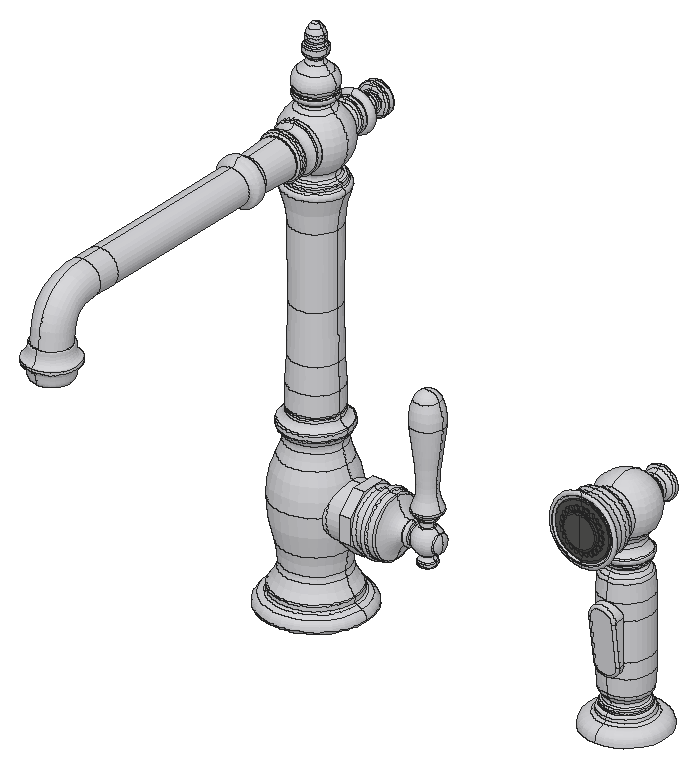
Revit family "Faucet-Kitchen_Sink-KOHLER-Artifacts-K-99265", category Plumbing Fixtures, host Face, Revit 2015
Parameters (values of type "CP- Polished Chrome")
  Width = Faucet Hole Spacing + 2 5/16"  # 10 5/16"
  Waste Water Outlet = "Waste Water Outlet"  # constant formula
  Waste Connection = no
  Vent Connection = no
  URL = "https://www.us.kohler.com/us/"
  Type = 1
  Spout Reach = 8 129/256"  # constant formula
  Product Page URL = "http://www.us.kohler.com/us/catalog/productDetails.jsp?productNumber=99265"
  Product Name = "Artifacts"
  Product Documentation Link = "http://www.us.kohler.com/onlinecatalog/pdf/K-99265_spec.pdf"
  Pressure = 60.00 psi  # constant formula
  Model = if(Type = 1, "K-99265-CP", if(Type = 2, "K-99265-SN", if(Type = 3, "K-99265-VS", if(Type = 4, "K-99265-2BZ", "NA"))))  # "K-99265-CP"
  Material = "Premium Metal Construction"  # constant formula
  MasterFormat 2004 = "22.41.39"  # constant formula
  MasterFormat 1995 = "15410"  # constant formula
  Manufacturer Address = "444 Highland Dr, Kohler, WI 53044"  # constant formula
  Manufacturer = "KOHLER Co."  # constant formula
  Length = 11 85/256"  # constant formula
  Hot Water Inlet = "Hot Water Inlet"  # constant formula
  Height = 14 11/16"  # constant formula
  HW Connection = yes
  Flow Rate = 1.5 GPM  # constant formula
  Finish = Kohler-Metal-CP-Polished_Chrome
  Faucet Hole Spacing = 8"
  Environmental Product Declaration = ""
  Description = "2-hole kitchen sink faucet with 13-1/2Inch swing spout and matching finish two-function sidespray with Sweep® and BerrySoft® spray, Victorian spout design"  # constant formula
  Default Elevation = 36"
  Declare Label = ""
  Date Modified = "03/16/2018"  # constant formula
  Date Created = "03/16/2018"  # constant formula
  Copyright = "Copyright KOHLER Co."  # constant formula
  Contact Us = "https://www.us.kohler.com/us/static/contact.jsp"
  Cold Water Inlet = "Cold Water Inlet"  # constant formula
  CW Connection = yes
  Assembly Code = "D2020"
  ADA Compliant = yes
Reference planes (in)
  plane 1 "Center (Front/Back)": y = 0
  plane 2: z = 0
  plane 3 "Center (Left/Right)": x = 0
  plane 4: x = 8
  plane 5: y = 2.19268
  plane 6: y = -9.13935
  plane 7: x = -1.29834
  plane 8: x = 9.01416
  plane 9: z = 14.6875
  plane 10: y = -8.50391
Dimensions and locks (in)
  "Faucet Hole Spacing": plane 4 to plane 3 "Center (Left/Right)"
  "Width": plane 7 to plane 8
  "Height": plane 9 to plane 2
  "Spout Reach": plane 1 "Center (Front/Back)" to plane 10
  locked: plane 7 to plane 3 "Center (Left/Right)" at 1.29834
  "Length": plane 5 to plane 6
  aligned and locked: plane 2 to host face
  aligned and locked: level to host face
  aligned and locked: plane 4 to nested 2
  aligned and locked: plane 1 "Center (Front/Back)" to nested 2
Automatic sketch dimensions
  host sketch curve to host sketch curve = 96"  (x2)
Nested families (in)
  nested 1: "K-99265_Faucet" at (0, 0, 0), type "K-99265_Faucet"
  nested 2: "K-99265_Spray" at (8, 0, 0), type "K-99265_Spray"
Connectors (in)
  piping at (-0.53885, 0, 0), diameter 0.375, driven by "Flow Rate", driven by "Pressure", driven by "HW Connection", driven by "Hot Water Inlet"
    settings: on nested 1, index 1, connector inside diameter 24", connector length 0", flow factor 0, pipe flow 1.5 GPM, pressure drop 60.00 psi, fitting loss kfactor 0, connector angle 0.00°, fixture units 0, engagement length 0", angle of deflection 0.00°, flow configuration 1, flow direction 1, fitting loss method 4, system type 19, joint type 0, gender type 0, connector reference index -1, connector utility 1, adjustable connector no, is connector primary yes, connector description "Hot Water Inlet"
  piping at (0.53885, 0, 0), diameter 0.375, driven by "CW Connection", driven by "CW Connection", driven by "Cold Water Inlet", driven by "Flow Rate", driven by "Pressure"
    settings: on nested 1, index 6, connector inside diameter 24", connector length 0", flow factor 0, pipe flow 1.5 GPM, pressure drop 60.00 psi, fitting loss kfactor 0, connector angle 0.00°, fixture units 0, engagement length 0", angle of deflection 0.00°, flow configuration 1, flow direction 1, fitting loss method 4, system type 20, joint type 0, gender type 0, connector reference index -1, connector utility 1, adjustable connector yes, is connector primary no, connector description "Cold Water Inlet"
Definition of nested family "K-99265_Faucet"
  Parameters (values of type "K-99265_Faucet")
    Material = none
  Reference planes (in)
    plane 1 "Center (Front/Back)": y = 0
    plane 2: z = 0
    plane 3 "Center (Left/Right)": x = 0
  Forms (in)
    Revolve 1, solid, material <- "Material"
      sketch origin (0, 0, 0) x (1, 0, 0) y (0, 0, 1)
        loop
          line (-1.27974, 0) -> (0, 0) -> (0, 13.42731)
          arc (0, 13.42731) -> (-0.04404, 13.41564) -> (-0.08083, 13.38877) r 0.12323
          arc (-0.08083, 13.38877) -> (-0.11821, 13.34536) -> (-0.15168, 13.29886) r 0.66065
          arc (-0.15168, 13.29886) -> (-0.184, 13.24276) -> (-0.20963, 13.18329) r 0.55955
          arc (-0.20963, 13.18329) -> (-0.21883, 13.15283) -> (-0.22457, 13.12154) r 0.28492
          arc (-0.22457, 13.12154) -> (-0.22787, 13.08685) -> (-0.22902, 13.05201) r 0.56589
          arc (-0.22902, 13.05201) -> (-0.22541, 13.0266) -> (-0.21475, 13.00326) r 0.0897
          arc (-0.21475, 13.00326) -> (-0.20663, 12.96732) -> (-0.22355, 12.93459) r 0.05378
          arc (-0.22355, 12.93459) -> (-0.24091, 12.92051) -> (-0.25989, 12.9087) r 0.17878
          arc (-0.25989, 12.9087) -> (-0.27252, 12.89661) -> (-0.27717, 12.87975) r 0.03288
          line (-0.27717, 12.87975) -> (-0.27717, 12.74358)
          arc (-0.27717, 12.74358) -> (-0.26872, 12.71612) -> (-0.24628, 12.69818) r 0.0488
          arc (-0.24628, 12.69818) -> (-0.21019, 12.67585) -> (-0.18416, 12.64233) r 0.11965
          arc (-0.18416, 12.64233) -> (-0.17898, 12.62732) -> (-0.17843, 12.61144) r 0.05341
          arc (-0.17843, 12.61144) -> (-0.19297, 12.55373) -> (-0.22202, 12.5018) r 0.2267
          arc (-0.22202, 12.5018) -> (-0.29829, 12.41308) -> (-0.38595, 12.33559) r 0.85548
          arc (-0.38595, 12.33559) -> (-0.49323, 12.18931) -> (-0.5055, 12.00832) r 0.32531
          arc (-0.5055, 12.00832) -> (-0.49326, 11.96482) -> (-0.47597, 11.92307) r 0.38139
          arc (-0.47597, 11.92307) -> (-0.46848, 11.90591) -> (-0.46241, 11.88821) r 0.23079
          arc (-0.46241, 11.88821) -> (-0.46192, 11.87266) -> (-0.46919, 11.85891) r 0.03041
          arc (-0.46919, 11.85891) -> (-0.47967, 11.84699) -> (-0.48959, 11.83459) r 0.34177
          arc (-0.48959, 11.83459) -> (-0.50033, 11.77007) -> (-0.45303, 11.72489) r 0.06993
          arc (-0.45303, 11.72489) -> (-0.42072, 11.71371) -> (-0.39104, 11.69675) r 0.18417
          arc (-0.39104, 11.69675) -> (-0.36924, 11.67283) -> (-0.3597, 11.64191) r 0.07421
          arc (-0.3597, 11.64191) -> (-0.36183, 11.60798) -> (-0.37338, 11.576) r 0.12003
          arc (-0.37338, 11.576) -> (-0.41344, 11.51867) -> (-0.46609, 11.47262) r 0.28955
          arc (-0.46609, 11.47262) -> (-0.8256, 10.85328) -> (-0.56769, 10.18522) r 0.82801
          spline (-0.56769, 10.18522) -> (-0.55283, 10.17031) -> (-0.53989, 10.15538) -> (-0.52888, 10.14043) -> (-0.5198, 10.12545) -> (-0.51264, 10.11045) -> (-0.50741, 10.09543) -> (-0.50411, 10.08038) -> (-0.50273, 10.06532) -> (-0.50328, 10.05023) -> (-0.50576, 10.03512) -> (-0.51017, 10.01998) -> (-0.5165, 10.00482)
          arc (-0.5165, 10.00482) -> (-0.53514, 9.97447) -> (-0.55958, 9.94855) r 0.17399
          arc (-0.55958, 9.94855) -> (-0.59743, 9.92615) -> (-0.64071, 9.91836) r 0.12414
          arc (-0.64071, 9.91836) -> (-0.6577, 9.91133) -> (-0.66473, 9.89434) r 0.02402
          line (-0.66473, 9.89434) -> (-0.66473, 9.83618)
          arc (-0.66473, 9.83618) -> (-0.67259, 9.80929) -> (-0.69369, 9.79086) r 0.04995
          arc (-0.69369, 9.79086) -> (-0.74797, 9.73361) -> (-0.74816, 9.65471) r 0.10683
          arc (-0.74816, 9.65471) -> (-0.62552, 9.24225) -> (-0.57598, 8.81481) r 2.48157
          arc (-0.57598, 8.81481) -> (-0.55808, 7.902) -> (-0.55657, 6.98903) r 50.8622
          arc (-0.55657, 6.98903) -> (-0.5679, 6.37381) -> (-0.59287, 5.75899) r 27.73623
          arc (-0.59287, 5.75899) -> (-0.60713, 5.43268) -> (-0.61614, 5.10618) r 20.32695
          line (-0.61614, 5.10618) -> (-0.62598, 4.60312)
          arc (-0.62598, 4.60312) -> (-0.61837, 4.58397) -> (-0.59937, 4.57599) r 0.02661
          line (-0.59937, 4.57599) -> (-0.54559, 4.57599) -> (-0.60157, 4.56099)
          arc (-0.60157, 4.56099) -> (-0.61722, 4.55481) -> (-0.62442, 4.5396) r 0.0229
          arc (-0.62442, 4.5396) -> (-0.62772, 4.50883) -> (-0.63353, 4.47843) r 0.37771
          arc (-0.63353, 4.47843) -> (-0.69402, 4.3663) -> (-0.80287, 4.30007) r 0.24345
          arc (-0.80287, 4.30007) -> (-0.81556, 4.29131) -> (-0.82044, 4.27668) r 0.02435
          line (-0.82044, 4.27668) -> (-0.82044, 4.16101)
          arc (-0.82044, 4.16101) -> (-0.81713, 4.14355) -> (-0.80765, 4.12853) r 0.04761
          arc (-0.80765, 4.12853) -> (-0.75642, 4.06508) -> (-0.71474, 3.99498) r 0.57158
          arc (-0.71474, 3.99498) -> (-0.68633, 3.90275) -> (-0.68956, 3.80631) r 0.29179
          arc (-0.68956, 3.80631) -> (-0.73645, 3.62772) -> (-0.80344, 3.45566) r 1.61306
          arc (-0.80344, 3.45566) -> (-0.95793, 2.98867) -> (-1.00768, 2.49931) r 2.25907
          arc (-1.00768, 2.49931) -> (-0.96528, 1.99757) -> (-0.84688, 1.50815) r 3.29284
          arc (-0.84688, 1.50815) -> (-0.78771, 1.26508) -> (-0.7656, 1.01589) r 1.66656
          arc (-0.7656, 1.01589) -> (-0.77128, 0.93941) -> (-0.79021, 0.86509) r 0.43831
          arc (-0.79021, 0.86509) -> (-0.87889, 0.66678) -> (-0.9993, 0.48597) r 1.30208
          arc (-0.9993, 0.48597) -> (-1.00741, 0.47125) -> (-1.01021, 0.45469) r 0.05032
          line (-1.01021, 0.45469) -> (-1.01021, 0.35409)
          arc (-1.01021, 0.35409) -> (-1.02158, 0.32129) -> (-1.05081, 0.30257) r 0.05298
          arc (-1.05081, 0.30257) -> (-1.12218, 0.27792) -> (-1.1875, 0.24003) r 0.39168
          arc (-1.1875, 0.24003) -> (-1.27039, 0.14387) -> (-1.30021, 0.02047) r 0.27019
          arc (-1.30021, 0.02047) -> (-1.29421, 0.006) -> (-1.27974, 0) r 0.02048
        axis (0, 13.42731) -> (0, 0)
      angle from 0 to 360
    Revolve 2, solid, material <- "Material"
      sketch origin (0, 0, 0) x (0, 1, 0) y (0, 0, 1)
        loop
          line (-8.94642, 8.95285) -> (-8.50243, 8.95285) -> (-8.50243, 9.75793) -> (-8.96672, 9.75793)
          spline (-8.96672, 9.75793) -> (-8.99504, 9.7462) -> (-8.99851, 9.71984) -> (-8.99766, 9.68755) -> (-8.99839, 9.65134) -> (-9.00304, 9.61168) -> (-9.0139, 9.56911) -> (-9.03139, 9.52614) -> (-9.05428, 9.48708) -> (-9.08127, 9.4563) -> (-9.11036, 9.43685) -> (-9.13456, 9.4223) -> (-9.14468, 9.40203)
          line (-9.14468, 9.40203) -> (-9.14468, 9.33062)
          spline (-9.14468, 9.33062) -> (-9.13189, 9.31114) -> (-9.10569, 9.29633) -> (-9.07996, 9.27549) -> (-9.05744, 9.2475) -> (-9.0392, 9.21275) -> (-9.02607, 9.17178) -> (-9.01683, 9.12659) -> (-9.00912, 9.08004) -> (-9.00057, 9.03496) -> (-8.98881, 8.99471) -> (-8.97153, 8.96514) -> (-8.94642, 8.95285)
        axis (-8.50243, 9.75793) -> (-8.50243, 8.95285)
      angle from 0 to 360
    Revolve 3, solid, material <- "Material"
      sketch origin (0, 0, 0) x (0, 1, 0) y (0, 0, 1)
        loop
          arc (2.19322, 10.78834) -> (2.18042, 10.89255) -> (2.1428, 10.99057) r 0.43075
          arc (2.1428, 10.99057) -> (2.11848, 11.02275) -> (2.08535, 11.04575) r 0.12784
          arc (2.08535, 11.04575) -> (2.06896, 11.05834) -> (2.05899, 11.07645) r 0.05043
          line (2.05899, 11.07645) -> (2.03069, 11.16901)
          arc (2.03069, 11.16901) -> (2.01978, 11.18444) -> (2.00184, 11.19036) r 0.03017
          line (2.00184, 11.19036) -> (1.87954, 11.19036)
          arc (1.87954, 11.19036) -> (1.86462, 11.18666) -> (1.85316, 11.1764) r 0.03189
          arc (1.85316, 11.1764) -> (1.83968, 11.15566) -> (1.82706, 11.13439) r 0.60339
          arc (1.82706, 11.13439) -> (1.80883, 11.0937) -> (1.7985, 11.05033) r 0.2381
          arc (1.7985, 11.05033) -> (1.7942, 11.03033) -> (1.7871, 11.01116) r 0.1428
          arc (1.7871, 11.01116) -> (1.77683, 10.99708) -> (1.76184, 10.98822) r 0.0431
          arc (1.76184, 10.98822) -> (1.73344, 10.98018) -> (1.70434, 10.97526) r 0.27224
          arc (1.70434, 10.97526) -> (1.68711, 10.97948) -> (1.67675, 10.99387) r 0.02562
          arc (1.67675, 10.99387) -> (1.66082, 11.0195) -> (1.63355, 11.03243) r 0.0535
          arc (1.63355, 11.03243) -> (1.59456, 11.02597) -> (1.56721, 10.99745) r 0.06262
          arc (1.56721, 10.99745) -> (1.55288, 10.98265) -> (1.53251, 10.97958) r 0.03217
          arc (1.53251, 10.97958) -> (1.50368, 10.99138) -> (1.48227, 11.01399) r 0.07394
          arc (1.48227, 11.01399) -> (1.41936, 11.12253) -> (1.36095, 11.23357) r 3.05802
          arc (1.36095, 11.23357) -> (1.23618, 11.29462) -> (1.14439, 11.19036) r 0.11447
          arc (1.14439, 11.19036) -> (1.1306, 11.20358) -> (1.11211, 11.2084) r 0.03789
          line (1.11211, 11.2084) -> (1.00631, 11.2084)
          arc (1.00631, 11.2084) -> (0.99045, 11.20367) -> (0.97975, 11.19104) r 0.02901
          arc (0.97975, 11.19104) -> (0.96228, 11.1595) -> (0.93929, 11.13173) r 0.19465
          arc (0.93929, 11.13173) -> (0.85685, 11.09235) -> (0.76802, 11.11373) r 0.13661
          arc (0.76802, 11.11373) -> (0.72629, 11.14585) -> (0.69009, 11.1841) r 0.33542
          arc (0.69009, 11.1841) -> (0.67559, 11.20344) -> (0.66253, 11.22377) r 0.33542
          line (0.66253, 11.22377) -> (-0.52982, 11.22377) -> (-0.52982, 11.36845)
          arc (-0.52982, 11.36845) -> (-0.53568, 11.38258) -> (-0.54981, 11.38843) r 0.01998
          line (-0.54981, 11.38843) -> (-0.67157, 11.38843)
          arc (-0.67157, 11.38843) -> (-0.68681, 11.38438) -> (-0.69802, 11.37329) r 0.03067
          arc (-0.69802, 11.37329) -> (-0.84866, 11.27552) -> (-1.0172, 11.33754) r 0.20057
          arc (-1.0172, 11.33754) -> (-1.03014, 11.34664) -> (-1.04563, 11.34985) r 0.039
          line (-1.04563, 11.34985) -> (-1.13015, 11.34985)
          arc (-1.13015, 11.34985) -> (-1.14744, 11.34497) -> (-1.15964, 11.33179) r 0.0331
          arc (-1.15964, 11.33179) -> (-1.18675, 11.30038) -> (-1.22531, 11.28509) r 0.08706
          arc (-1.22531, 11.28509) -> (-1.24155, 11.28318) -> (-1.25786, 11.28189) r 0.41994
          line (-1.25786, 11.28189) -> (-2.15934, 11.22863)
          arc (-2.15934, 11.22863) -> (-2.26076, 11.2524) -> (-2.33271, 11.32773) r 0.18267
          spline (-2.33271, 11.32773) -> (-2.34044, 11.34365) -> (-2.36132, 11.3583) -> (-2.39663, 11.36348) -> (-2.43676, 11.36332) -> (-2.4732, 11.36114) -> (-2.50157, 11.3568) -> (-2.5191, 11.34931) -> (-2.53112, 11.33564) -> (-2.54721, 11.31162) -> (-2.57685, 11.27596) -> (-2.62883, 11.2417) -> (-2.71172, 11.22639)
          line (-2.71172, 11.22639) -> (-6.92375, 11.22639) -> (-6.92375, 10.78834) -> (2.19322, 10.78834)
        axis (-6.92375, 10.78834) -> (2.19322, 10.78834)
      angle from 0 to 360
    Sweep 4, solid, material <- "Material"
      path origin (0, 0, 0) x (0, 1, 0) y (0, 0, 1)
        loop
          line (-8.50243, 9.50793) -> (-8.50243, 9.75793)
          spline (-8.50243, 9.75793) -> (-8.48764, 9.99467) -> (-8.4461, 10.19204) -> (-8.38206, 10.35364) -> (-8.29977, 10.48304) -> (-8.20347, 10.58381) -> (-8.09741, 10.65954) -> (-7.98584, 10.71381) -> (-7.87301, 10.75018) -> (-7.76316, 10.77224) -> (-7.66055, 10.78357) -> (-7.56941, 10.78775) -> (-7.494, 10.78834)
          line (-7.494, 10.78834) -> (-6.92375, 10.78834)
      profile origin (0, -6.92375, 10.78834) x (0, 0, 1) y (1, 0, 0)
        loop
          circle (0, 0) r 0.43804
    Revolve 5, solid, material <- "Material"
      sketch origin (-5.75085, 0, -1.69229) x (1, 0, 0) y (0, 0, 1)
        loop
          line (8.8324, 4.38765) -> (8.8324, 4.16407) -> (9.02944, 4.16407)
          arc (9.02944, 4.16407) -> (9.01381, 4.28) -> (8.96805, 4.38765) r 0.43789
          line (8.96805, 4.38765) -> (8.8324, 4.38765)
        loop
          line (6.42396, 4.88858) -> (6.42396, 4.16407) -> (8.2952, 4.16407) -> (8.35506, 4.16407) -> (8.35506, 4.36668) -> (8.2952, 4.36668) -> (8.2952, 4.41507)
          arc (8.2952, 4.41507) -> (8.25611, 4.46064) -> (8.20101, 4.43682) r 0.05061
          arc (8.20101, 4.43682) -> (8.18891, 4.42741) -> (8.17411, 4.42346) r 0.03855
          spline (8.17411, 4.42346) -> (8.12376, 4.4409) -> (8.07838, 4.4663) -> (8.04319, 4.49009) -> (8.01652, 4.51776) -> (7.98897, 4.55038) -> (7.96525, 4.58125) -> (7.94262, 4.61738) -> (7.92367, 4.65405) -> (7.90456, 4.69556) -> (7.88346, 4.74406) -> (7.86613, 4.79403) -> (7.84432, 4.88261)
          arc (7.84432, 4.88261) -> (7.8399, 4.90014) -> (7.82526, 4.91073) r 0.02642
          line (7.82526, 4.91073) -> (7.66085, 4.91073)
          arc (7.66085, 4.91073) -> (7.64387, 4.91446) -> (7.63214, 4.92731) r 0.02877
          arc (7.63214, 4.92731) -> (7.57954, 4.96094) -> (7.52694, 4.92731) r 0.05795
          line (7.52694, 4.92731) -> (7.52694, 4.83635) -> (7.31436, 4.84378)
          arc (7.31436, 4.84378) -> (7.27214, 4.86257) -> (7.25483, 4.90542) r 0.06168
          line (7.25483, 4.90542) -> (7.25483, 5.01325) -> (6.98058, 5.01325) -> (6.98058, 4.83062) -> (6.55537, 4.84547)
          arc (6.55537, 4.84547) -> (6.48661, 4.85769) -> (6.42396, 4.88858) r 0.24838
        axis (6.42396, 4.16407) -> (9.02944, 4.16407)
      angle from 0 to 360
    Revolve 6, solid, material <- "Material"
      sketch origin (-5.76648, 0, -1.68545) x (1, 0, 0) y (0, 0, 1)
        loop
          line (8.64982, 4.8849) -> (8.64982, 7.6079)
          arc (8.64982, 7.6079) -> (8.47033, 7.54846) -> (8.35309, 7.40012) r 0.32937
          arc (8.35309, 7.40012) -> (8.27703, 7.11266) -> (8.27092, 6.81538) r 1.25185
          spline (8.27092, 6.81538) -> (8.30118, 6.53354) -> (8.33234, 6.28131) -> (8.36055, 6.08106) -> (8.38202, 5.93763) -> (8.39317, 5.83741) -> (8.39843, 5.74169) -> (8.40801, 5.61052) -> (8.4127, 5.51168) -> (8.41944, 5.37863) -> (8.41019, 5.25029) -> (8.39267, 5.13344) -> (8.30022, 4.8849)
          arc (8.30022, 4.8849) -> (8.28998, 4.86182) -> (8.29606, 4.83731) r 0.03892
          arc (8.29606, 4.83731) -> (8.35122, 4.7758) -> (8.42274, 4.73441) r 0.2632
          line (8.42274, 4.73441) -> (8.42274, 4.68049)
          arc (8.42274, 4.68049) -> (8.42839, 4.66603) -> (8.44233, 4.65922) r 0.02134
          arc (8.44233, 4.65922) -> (8.47164, 4.64715) -> (8.4886, 4.62037) r 0.05228
          arc (8.4886, 4.62037) -> (8.49878, 4.55965) -> (8.49791, 4.49809) r 0.34202
          arc (8.49791, 4.49809) -> (8.49131, 4.47952) -> (8.47695, 4.46601) r 0.04191
          arc (8.47695, 4.46601) -> (8.30018, 4.1492) -> (8.49918, 3.84586) r 0.35004
          arc (8.49918, 3.84586) -> (8.51709, 3.83072) -> (8.5253, 3.80875) r 0.04633
          arc (8.5253, 3.80875) -> (8.5084, 3.74342) -> (8.45303, 3.70485) r 0.09716
          arc (8.45303, 3.70485) -> (8.4399, 3.6962) -> (8.43482, 3.68132) r 0.02431
          line (8.43482, 3.68132) -> (8.43482, 3.61971)
          arc (8.43482, 3.61971) -> (8.43983, 3.60549) -> (8.45264, 3.59755) r 0.02268
          arc (8.45264, 3.59755) -> (8.47178, 3.59129) -> (8.48929, 3.58136) r 0.10079
          arc (8.48929, 3.58136) -> (8.51717, 3.55995) -> (8.54331, 3.53644) r 0.45307
          arc (8.54331, 3.53644) -> (8.56853, 3.51394) -> (8.59557, 3.49369) r 0.39479
          arc (8.59557, 3.49369) -> (8.62143, 3.48119) -> (8.64982, 3.4769) r 0.09607
          line (8.64982, 3.4769) -> (8.64982, 4.8849)
        axis (8.64982, 7.6079) -> (8.64982, 3.4769)
      angle from 0 to 360
    Extrusion 7, void
      sketch origin (-0.00085, 0, -2.25039) x (0, 1, 0) y (0, 0, 1)
        loop
          line (-0.31205, 5.47335) -> (-0.75335, 5.03205) -> (-0.75335, 4.40795) -> (-0.31205, 3.96665) -> (0.31205, 3.96665) -> (0.75335, 4.40795) -> (0.75335, 5.03205) -> (0.31205, 5.47335) -> (-0.31205, 5.47335)
        loop
          circle (0, 4.72218) r 0.90225
      from 1.1939 to 1.5365
    Extrusion 8, solid, material <- "Material"
      sketch origin (0, 0, 0) x (1, 0, 0) y (0, 1, 0)
        loop
          circle (-0.68757, 0) r 0.23454
        loop
          circle (0.68757, 0) r 0.23454
      from 0 to 0.20385
  Cuts and joins
    joined: Revolve 2, Revolve 3, Sweep 4
    Extrusion 7 cuts Revolve 5
    joined: Revolve 5, Revolve 6
  Lines and regions (in)
    Masking region 1
      outline origin (0, 0, 0) x (1, 0, 0) y (0, 0, 1)
        loop
          line (-1.27974, 0) -> (1.27974, 0)
          arc (1.27974, 0) -> (1.29421, 0.006) -> (1.30021, 0.02048) r 0.02048
          arc (1.30021, 0.02048) -> (1.27039, 0.14387) -> (1.1875, 0.24003) r 0.27019
          arc (1.1875, 0.24003) -> (1.12218, 0.27792) -> (1.05081, 0.30257) r 0.39168
          arc (1.05081, 0.30257) -> (1.02158, 0.3213) -> (1.01021, 0.35409) r 0.05298
          line (1.01021, 0.35409) -> (1.01021, 0.45469)
          arc (1.01021, 0.45469) -> (1.00741, 0.47125) -> (0.9993, 0.48597) r 0.05032
          arc (0.9993, 0.48597) -> (0.87889, 0.66678) -> (0.79021, 0.86509) r 1.30208
          arc (0.79021, 0.86509) -> (0.77128, 0.93941) -> (0.7656, 1.01589) r 0.43831
          arc (0.7656, 1.01589) -> (0.78771, 1.26508) -> (0.84688, 1.50815) r 1.66656
          arc (0.84688, 1.50815) -> (0.88897, 1.64833) -> (0.92478, 1.79024) r 3.29284
          line (0.92478, 1.79024) -> (1.22973, 1.80089) -> (1.22973, 1.69036) -> (1.50398, 1.69036) -> (1.50398, 1.72608)
          arc (1.50398, 1.72608) -> (1.52129, 1.76893) -> (1.56351, 1.78773) r 0.06168
          line (1.56351, 1.78773) -> (1.77608, 1.79515) -> (1.77608, 1.7042)
          arc (1.77608, 1.7042) -> (1.82868, 1.67057) -> (1.88129, 1.7042) r 0.05795
          arc (1.88129, 1.7042) -> (1.89301, 1.71704) -> (1.91, 1.72078) r 0.02877
          line (1.91, 1.72078) -> (2.0744, 1.72078)
          arc (2.0744, 1.72078) -> (2.08905, 1.73137) -> (2.09346, 1.74889) r 0.02642
          spline (2.09346, 1.74889) -> (2.11528, 1.83747) -> (2.13261, 1.88744) -> (2.1537, 1.93594) -> (2.17282, 1.97746) -> (2.19177, 2.01413) -> (2.21439, 2.05026) -> (2.23812, 2.08112) -> (2.26566, 2.11374) -> (2.29234, 2.14142) -> (2.32752, 2.16521) -> (2.37291, 2.1906) -> (2.42326, 2.20804)
          arc (2.42326, 2.20804) -> (2.43806, 2.20409) -> (2.45015, 2.19469) r 0.03855
          arc (2.45015, 2.19469) -> (2.50526, 2.17086) -> (2.54434, 2.21643) r 0.05061
          line (2.54434, 2.21643) -> (2.54434, 2.26482) -> (2.60457, 2.26482)
          arc (2.60457, 2.26482) -> (2.66238, 2.20495) -> (2.7327, 2.16041) r 0.35004
          arc (2.7327, 2.16041) -> (2.75061, 2.14527) -> (2.75882, 2.1233) r 0.04633
          arc (2.75882, 2.1233) -> (2.74192, 2.05797) -> (2.68655, 2.0194) r 0.09716
          arc (2.68655, 2.0194) -> (2.67343, 2.01075) -> (2.66834, 1.99587) r 0.02431
          line (2.66834, 1.99587) -> (2.66834, 1.93426)
          arc (2.66834, 1.93426) -> (2.67335, 1.92004) -> (2.68616, 1.9121) r 0.02268
          arc (2.68616, 1.9121) -> (2.7053, 1.90584) -> (2.72281, 1.89591) r 0.10079
          arc (2.72281, 1.89591) -> (2.75069, 1.8745) -> (2.77683, 1.85099) r 0.45307
          arc (2.77683, 1.85099) -> (2.80205, 1.82849) -> (2.82909, 1.80824) r 0.39479
          arc (2.82909, 1.80824) -> (2.85495, 1.79574) -> (2.88334, 1.79145) r 0.09607
          arc (2.88334, 1.79145) -> (2.91174, 1.79574) -> (2.93759, 1.80824) r 0.09607
          arc (2.93759, 1.80824) -> (2.96464, 1.82849) -> (2.98985, 1.85099) r 0.39479
          arc (2.98985, 1.85099) -> (3.01599, 1.8745) -> (3.04388, 1.89591) r 0.45307
          arc (3.04388, 1.89591) -> (3.06139, 1.90584) -> (3.08052, 1.9121) r 0.10079
          arc (3.08052, 1.9121) -> (3.09333, 1.92004) -> (3.09834, 1.93426) r 0.02268
          line (3.09834, 1.93426) -> (3.09834, 1.99587)
          arc (3.09834, 1.99587) -> (3.09326, 2.01075) -> (3.08013, 2.0194) r 0.02431
          arc (3.08013, 2.0194) -> (3.02476, 2.05797) -> (3.00786, 2.1233) r 0.09716
          arc (3.00786, 2.1233) -> (3.01607, 2.14527) -> (3.03399, 2.16041) r 0.04633
          arc (3.03399, 2.16041) -> (3.09362, 2.19658) -> (3.14489, 2.24385) r 0.35004
          line (3.14489, 2.24385) -> (3.2172, 2.24385)
          arc (3.2172, 2.24385) -> (3.27753, 2.46961) -> (3.2172, 2.69537) r 0.45257
          line (3.2172, 2.69537) -> (3.15618, 2.69537)
          arc (3.15618, 2.69537) -> (3.11023, 2.7427) -> (3.05622, 2.78056) r 0.35004
          arc (3.05622, 2.78056) -> (3.04185, 2.79407) -> (3.03525, 2.81264) r 0.04191
          arc (3.03525, 2.81264) -> (3.03439, 2.8742) -> (3.04457, 2.93492) r 0.34202
          arc (3.04457, 2.93492) -> (3.06152, 2.9617) -> (3.09084, 2.97377) r 0.05228
          arc (3.09084, 2.97377) -> (3.10478, 2.98058) -> (3.11042, 2.99504) r 0.02134
          line (3.11042, 2.99504) -> (3.11042, 3.04896)
          arc (3.11042, 3.04896) -> (3.18194, 3.09035) -> (3.23711, 3.15186) r 0.2632
          arc (3.23711, 3.15186) -> (3.24318, 3.17637) -> (3.23294, 3.19945) r 0.03892
          spline (3.23294, 3.19945) -> (3.1405, 3.44799) -> (3.12298, 3.56484) -> (3.11373, 3.69318) -> (3.12046, 3.82623) -> (3.12516, 3.92507) -> (3.13474, 4.05624) -> (3.13999, 4.15196) -> (3.15114, 4.25218) -> (3.17261, 4.39561) -> (3.20082, 4.59586) -> (3.23198, 4.84809) -> (3.26224, 5.12993)
          arc (3.26224, 5.12993) -> (3.25613, 5.42721) -> (3.18008, 5.71467) r 1.25185
          arc (3.18008, 5.71467) -> (3.06284, 5.86301) -> (2.88334, 5.92245) r 0.32937
          arc (2.88334, 5.92245) -> (2.70385, 5.86301) -> (2.58661, 5.71467) r 0.32937
          arc (2.58661, 5.71467) -> (2.51056, 5.42721) -> (2.50444, 5.12993) r 1.25185
          spline (2.50444, 5.12993) -> (2.5347, 4.84809) -> (2.56586, 4.59586) -> (2.59407, 4.39561) -> (2.61554, 4.25218) -> (2.62669, 4.15196) -> (2.63195, 4.05624) -> (2.64153, 3.92507) -> (2.64623, 3.82623) -> (2.65296, 3.69318) -> (2.64371, 3.56484) -> (2.62619, 3.44799) -> (2.53374, 3.19945)
          arc (2.53374, 3.19945) -> (2.5235, 3.17637) -> (2.52958, 3.15186) r 0.03892
          arc (2.52958, 3.15186) -> (2.58474, 3.09035) -> (2.65626, 3.04896) r 0.2632
          line (2.65626, 3.04896) -> (2.65626, 2.99504)
          arc (2.65626, 2.99504) -> (2.66191, 2.98058) -> (2.67585, 2.97377) r 0.02134
          arc (2.67585, 2.97377) -> (2.70516, 2.9617) -> (2.72212, 2.93492) r 0.05228
          arc (2.72212, 2.93492) -> (2.7323, 2.8742) -> (2.73143, 2.81264) r 0.34202
          arc (2.73143, 2.81264) -> (2.72483, 2.79407) -> (2.71047, 2.78056) r 0.04191
          arc (2.71047, 2.78056) -> (2.64667, 2.73404) -> (2.59493, 2.67439) r 0.35004
          line (2.59493, 2.67439) -> (2.54434, 2.67439) -> (2.54434, 2.72279)
          arc (2.54434, 2.72279) -> (2.50526, 2.76836) -> (2.45015, 2.74453) r 0.05061
          arc (2.45015, 2.74453) -> (2.43806, 2.73513) -> (2.42326, 2.73117) r 0.03855
          spline (2.42326, 2.73117) -> (2.37291, 2.74862) -> (2.32752, 2.77401) -> (2.29234, 2.7978) -> (2.26566, 2.82548) -> (2.23812, 2.8581) -> (2.21439, 2.88896) -> (2.19177, 2.92509) -> (2.17282, 2.96176) -> (2.1537, 3.00328) -> (2.13261, 3.05178) -> (2.11528, 3.10174) -> (2.09346, 3.19032)
          arc (2.09346, 3.19032) -> (2.08905, 3.20785) -> (2.0744, 3.21844) r 0.02642
          line (2.0744, 3.21844) -> (1.91, 3.21844)
          arc (1.91, 3.21844) -> (1.89301, 3.22218) -> (1.88129, 3.23502) r 0.02877
          arc (1.88129, 3.23502) -> (1.82868, 3.26865) -> (1.77608, 3.23502) r 0.05795
          line (1.77608, 3.23502) -> (1.77608, 3.14407) -> (1.56351, 3.15149)
          arc (1.56351, 3.15149) -> (1.52129, 3.17029) -> (1.50398, 3.21314) r 0.06168
          line (1.50398, 3.21314) -> (1.50398, 3.2446) -> (1.22973, 3.2446) -> (1.22973, 3.13833) -> (0.91743, 3.14924)
          arc (0.91743, 3.14924) -> (0.86599, 3.30451) -> (0.80344, 3.45566) r 2.25907
          arc (0.80344, 3.45566) -> (0.73645, 3.62772) -> (0.68956, 3.80631) r 1.61306
          arc (0.68956, 3.80631) -> (0.68633, 3.90276) -> (0.71474, 3.99498) r 0.29179
          arc (0.71474, 3.99498) -> (0.75642, 4.06508) -> (0.80765, 4.12853) r 0.57158
          arc (0.80765, 4.12853) -> (0.81713, 4.14355) -> (0.82044, 4.16101) r 0.04761
          line (0.82044, 4.16101) -> (0.82044, 4.27668)
          arc (0.82044, 4.27668) -> (0.81556, 4.29131) -> (0.80287, 4.30007) r 0.02435
          arc (0.80287, 4.30007) -> (0.69402, 4.3663) -> (0.63353, 4.47843) r 0.24345
          arc (0.63353, 4.47843) -> (0.62772, 4.50883) -> (0.62442, 4.5396) r 0.37771
          arc (0.62442, 4.5396) -> (0.61722, 4.55481) -> (0.60157, 4.56099) r 0.0229
          line (0.60157, 4.56099) -> (0.54559, 4.57599) -> (0.59937, 4.57599)
          arc (0.59937, 4.57599) -> (0.61837, 4.58397) -> (0.62598, 4.60312) r 0.02661
          line (0.62598, 4.60312) -> (0.61614, 5.10618)
          arc (0.61614, 5.10618) -> (0.60713, 5.43268) -> (0.59287, 5.759) r 20.32695
          arc (0.59287, 5.759) -> (0.5679, 6.37381) -> (0.55657, 6.98903) r 27.73623
          arc (0.55657, 6.98903) -> (0.55808, 7.902) -> (0.57598, 8.81481) r 50.8622
          arc (0.57598, 8.81481) -> (0.62552, 9.24225) -> (0.74816, 9.65471) r 2.48157
          arc (0.74816, 9.65471) -> (0.74797, 9.73361) -> (0.69369, 9.79086) r 0.10683
          arc (0.69369, 9.79086) -> (0.67259, 9.80929) -> (0.66473, 9.83618) r 0.04995
          line (0.66473, 9.83618) -> (0.66473, 9.89435)
          arc (0.66473, 9.89435) -> (0.6577, 9.91133) -> (0.64071, 9.91836) r 0.02402
          arc (0.64071, 9.91836) -> (0.59743, 9.92615) -> (0.55958, 9.94855) r 0.12414
          arc (0.55958, 9.94855) -> (0.53514, 9.97447) -> (0.5165, 10.00482) r 0.17399
          spline (0.5165, 10.00482) -> (0.51017, 10.01998) -> (0.50576, 10.03512) -> (0.50328, 10.05023) -> (0.50273, 10.06532) -> (0.50411, 10.08038) -> (0.50741, 10.09543) -> (0.51264, 10.11045) -> (0.5198, 10.12545) -> (0.52888, 10.14043) -> (0.53989, 10.15538) -> (0.55283, 10.17031) -> (0.56769, 10.18522)
          arc (0.56769, 10.18522) -> (0.8256, 10.85328) -> (0.46609, 11.47262) r 0.82801
          arc (0.46609, 11.47262) -> (0.41344, 11.51867) -> (0.37338, 11.576) r 0.28955
          arc (0.37338, 11.576) -> (0.36183, 11.60798) -> (0.3597, 11.64191) r 0.12003
          arc (0.3597, 11.64191) -> (0.36924, 11.67283) -> (0.39104, 11.69675) r 0.07421
          arc (0.39104, 11.69675) -> (0.42072, 11.71371) -> (0.45303, 11.72489) r 0.18417
          arc (0.45303, 11.72489) -> (0.50033, 11.77007) -> (0.48959, 11.83459) r 0.06993
          arc (0.48959, 11.83459) -> (0.47967, 11.84699) -> (0.46919, 11.85891) r 0.34177
          arc (0.46919, 11.85891) -> (0.46192, 11.87266) -> (0.46241, 11.88821) r 0.03041
          arc (0.46241, 11.88821) -> (0.46848, 11.90591) -> (0.47597, 11.92307) r 0.23079
          arc (0.47597, 11.92307) -> (0.49326, 11.96482) -> (0.5055, 12.00832) r 0.38139
          arc (0.5055, 12.00832) -> (0.49323, 12.18931) -> (0.38595, 12.33559) r 0.32531
          arc (0.38595, 12.33559) -> (0.29829, 12.41308) -> (0.22202, 12.5018) r 0.85548
          arc (0.22202, 12.5018) -> (0.19297, 12.55374) -> (0.17843, 12.61144) r 0.2267
          arc (0.17843, 12.61144) -> (0.17898, 12.62732) -> (0.18416, 12.64233) r 0.05341
          arc (0.18416, 12.64233) -> (0.21019, 12.67585) -> (0.24628, 12.69818) r 0.11965
          arc (0.24628, 12.69818) -> (0.26872, 12.71612) -> (0.27717, 12.74358) r 0.0488
          line (0.27717, 12.74358) -> (0.27717, 12.87975)
          arc (0.27717, 12.87975) -> (0.27252, 12.89661) -> (0.25989, 12.9087) r 0.03288
          arc (0.25989, 12.9087) -> (0.24091, 12.92051) -> (0.22355, 12.93459) r 0.17878
          arc (0.22355, 12.93459) -> (0.20663, 12.96732) -> (0.21475, 13.00326) r 0.05378
          arc (0.21475, 13.00326) -> (0.22541, 13.0266) -> (0.22902, 13.05201) r 0.0897
          arc (0.22902, 13.05201) -> (0.22787, 13.08685) -> (0.22457, 13.12155) r 0.56589
          arc (0.22457, 13.12155) -> (0.21883, 13.15283) -> (0.20963, 13.18329) r 0.28492
          arc (0.20963, 13.18329) -> (0.184, 13.24276) -> (0.15168, 13.29887) r 0.55955
          arc (0.15168, 13.29887) -> (0.11821, 13.34536) -> (0.08083, 13.38877) r 0.66065
          arc (0.08083, 13.38877) -> (0.04404, 13.41564) -> (0, 13.42731) r 0.12323
          arc (0, 13.42731) -> (-0.04404, 13.41564) -> (-0.08083, 13.38877) r 0.12323
          arc (-0.08083, 13.38877) -> (-0.11821, 13.34536) -> (-0.15168, 13.29887) r 0.66065
          arc (-0.15168, 13.29887) -> (-0.184, 13.24276) -> (-0.20963, 13.18329) r 0.55955
          arc (-0.20963, 13.18329) -> (-0.21883, 13.15283) -> (-0.22457, 13.12155) r 0.28492
          arc (-0.22457, 13.12155) -> (-0.22787, 13.08685) -> (-0.22902, 13.05201) r 0.56589
          arc (-0.22902, 13.05201) -> (-0.22541, 13.0266) -> (-0.21475, 13.00326) r 0.0897
          arc (-0.21475, 13.00326) -> (-0.20663, 12.96732) -> (-0.22355, 12.93459) r 0.05378
          arc (-0.22355, 12.93459) -> (-0.24091, 12.92051) -> (-0.25989, 12.9087) r 0.17878
          arc (-0.25989, 12.9087) -> (-0.27252, 12.89661) -> (-0.27717, 12.87975) r 0.03288
          line (-0.27717, 12.87975) -> (-0.27717, 12.74358)
          arc (-0.27717, 12.74358) -> (-0.26872, 12.71612) -> (-0.24628, 12.69818) r 0.0488
          arc (-0.24628, 12.69818) -> (-0.21019, 12.67585) -> (-0.18416, 12.64233) r 0.11965
          arc (-0.18416, 12.64233) -> (-0.17898, 12.62732) -> (-0.17843, 12.61144) r 0.05341
          arc (-0.17843, 12.61144) -> (-0.19297, 12.55374) -> (-0.22202, 12.5018) r 0.2267
          arc (-0.22202, 12.5018) -> (-0.29829, 12.41308) -> (-0.38595, 12.33559) r 0.85548
          arc (-0.38595, 12.33559) -> (-0.49323, 12.18931) -> (-0.5055, 12.00832) r 0.32531
          arc (-0.5055, 12.00832) -> (-0.49326, 11.96482) -> (-0.47597, 11.92307) r 0.38139
          arc (-0.47597, 11.92307) -> (-0.46848, 11.90591) -> (-0.46241, 11.88821) r 0.23079
          arc (-0.46241, 11.88821) -> (-0.46192, 11.87266) -> (-0.46919, 11.85891) r 0.03041
          arc (-0.46919, 11.85891) -> (-0.47967, 11.84699) -> (-0.48959, 11.83459) r 0.34177
          arc (-0.48959, 11.83459) -> (-0.50033, 11.77007) -> (-0.45303, 11.72489) r 0.06993
          arc (-0.45303, 11.72489) -> (-0.42072, 11.71371) -> (-0.39104, 11.69675) r 0.18417
          arc (-0.39104, 11.69675) -> (-0.36924, 11.67283) -> (-0.3597, 11.64191) r 0.07421
          arc (-0.3597, 11.64191) -> (-0.36183, 11.60798) -> (-0.37338, 11.576) r 0.12003
          arc (-0.37338, 11.576) -> (-0.41344, 11.51867) -> (-0.46609, 11.47262) r 0.28955
          arc (-0.46609, 11.47262) -> (-0.8256, 10.85328) -> (-0.56769, 10.18522) r 0.82801
          spline (-0.56769, 10.18522) -> (-0.55283, 10.17031) -> (-0.53989, 10.15538) -> (-0.52888, 10.14043) -> (-0.5198, 10.12545) -> (-0.51264, 10.11045) -> (-0.50741, 10.09543) -> (-0.50411, 10.08038) -> (-0.50273, 10.06532) -> (-0.50328, 10.05023) -> (-0.50576, 10.03512) -> (-0.51017, 10.01998) -> (-0.5165, 10.00482)
          arc (-0.5165, 10.00482) -> (-0.53514, 9.97447) -> (-0.55958, 9.94855) r 0.17399
          arc (-0.55958, 9.94855) -> (-0.59743, 9.92615) -> (-0.64071, 9.91836) r 0.12414
          arc (-0.64071, 9.91836) -> (-0.6577, 9.91133) -> (-0.66473, 9.89435) r 0.02402
          line (-0.66473, 9.89435) -> (-0.66473, 9.83618)
          arc (-0.66473, 9.83618) -> (-0.67259, 9.80929) -> (-0.69369, 9.79086) r 0.04995
          arc (-0.69369, 9.79086) -> (-0.74797, 9.73361) -> (-0.74816, 9.65471) r 0.10683
          arc (-0.74816, 9.65471) -> (-0.62552, 9.24225) -> (-0.57598, 8.81481) r 2.48157
          arc (-0.57598, 8.81481) -> (-0.55808, 7.902) -> (-0.55657, 6.98903) r 50.8622
          arc (-0.55657, 6.98903) -> (-0.5679, 6.37381) -> (-0.59287, 5.759) r 27.73623
          arc (-0.59287, 5.759) -> (-0.60713, 5.43268) -> (-0.61614, 5.10618) r 20.32695
          line (-0.61614, 5.10618) -> (-0.62598, 4.60312)
          arc (-0.62598, 4.60312) -> (-0.61837, 4.58397) -> (-0.59937, 4.57599) r 0.02661
          line (-0.59937, 4.57599) -> (-0.54559, 4.57599) -> (-0.60157, 4.56099)
          arc (-0.60157, 4.56099) -> (-0.61722, 4.55481) -> (-0.62442, 4.5396) r 0.0229
          arc (-0.62442, 4.5396) -> (-0.62772, 4.50883) -> (-0.63353, 4.47843) r 0.37771
          arc (-0.63353, 4.47843) -> (-0.69402, 4.3663) -> (-0.80287, 4.30007) r 0.24345
          arc (-0.80287, 4.30007) -> (-0.81556, 4.29131) -> (-0.82044, 4.27668) r 0.02435
          line (-0.82044, 4.27668) -> (-0.82044, 4.16101)
          arc (-0.82044, 4.16101) -> (-0.81713, 4.14355) -> (-0.80765, 4.12853) r 0.04761
          arc (-0.80765, 4.12853) -> (-0.75642, 4.06508) -> (-0.71474, 3.99498) r 0.57158
          arc (-0.71474, 3.99498) -> (-0.68633, 3.90276) -> (-0.68956, 3.80631) r 0.29179
          arc (-0.68956, 3.80631) -> (-0.73645, 3.62772) -> (-0.80344, 3.45566) r 1.61306
          arc (-0.80344, 3.45566) -> (-0.95793, 2.98867) -> (-1.00768, 2.49931) r 2.25907
          arc (-1.00768, 2.49931) -> (-0.96528, 1.99757) -> (-0.84688, 1.50815) r 3.29284
          arc (-0.84688, 1.50815) -> (-0.78771, 1.26508) -> (-0.7656, 1.01589) r 1.66656
          arc (-0.7656, 1.01589) -> (-0.77128, 0.93941) -> (-0.79021, 0.86509) r 0.43831
          arc (-0.79021, 0.86509) -> (-0.87889, 0.66678) -> (-0.9993, 0.48597) r 1.30208
          arc (-0.9993, 0.48597) -> (-1.00741, 0.47125) -> (-1.01021, 0.45469) r 0.05032
          line (-1.01021, 0.45469) -> (-1.01021, 0.35409)
          arc (-1.01021, 0.35409) -> (-1.02158, 0.3213) -> (-1.05081, 0.30257) r 0.05298
          arc (-1.05081, 0.30257) -> (-1.12218, 0.27792) -> (-1.1875, 0.24003) r 0.39168
          arc (-1.1875, 0.24003) -> (-1.27039, 0.14387) -> (-1.30021, 0.02048) r 0.27019
          arc (-1.30021, 0.02048) -> (-1.29421, 0.006) -> (-1.27974, 0) r 0.02048
    Masking region 2
      outline origin (0, 0, 0) x (0, 1, 0) y (0, 0, 1)
        loop
          arc (1.30021, 0.02048) -> (1.27039, 0.14387) -> (1.1875, 0.24003) r 0.27019
          arc (1.1875, 0.24003) -> (1.12218, 0.27792) -> (1.05081, 0.30257) r 0.39168
          arc (1.05081, 0.30257) -> (1.02158, 0.3213) -> (1.01021, 0.35409) r 0.05298
          line (1.01021, 0.35409) -> (1.01021, 0.45469)
          arc (1.01021, 0.45469) -> (1.00741, 0.47125) -> (0.9993, 0.48597) r 0.05032
          arc (0.9993, 0.48597) -> (0.87889, 0.66678) -> (0.79021, 0.86509) r 1.30208
          arc (0.79021, 0.86509) -> (0.77128, 0.93941) -> (0.7656, 1.01589) r 0.43831
          arc (0.7656, 1.01589) -> (0.78771, 1.26508) -> (0.84688, 1.50815) r 1.66656
          arc (0.84688, 1.50815) -> (0.96528, 1.99757) -> (1.00768, 2.49931) r 3.29284
          arc (1.00768, 2.49931) -> (0.95793, 2.98867) -> (0.80344, 3.45566) r 2.25907
          arc (0.80344, 3.45566) -> (0.73645, 3.62772) -> (0.68956, 3.80631) r 1.61306
          arc (0.68956, 3.80631) -> (0.68633, 3.90276) -> (0.71474, 3.99498) r 0.29179
          arc (0.71474, 3.99498) -> (0.75642, 4.06508) -> (0.80765, 4.12853) r 0.57158
          arc (0.80765, 4.12853) -> (0.81713, 4.14355) -> (0.82044, 4.16101) r 0.04761
          line (0.82044, 4.16101) -> (0.82044, 4.27668)
          arc (0.82044, 4.27668) -> (0.81556, 4.29131) -> (0.80287, 4.30007) r 0.02435
          arc (0.80287, 4.30007) -> (0.69402, 4.3663) -> (0.63353, 4.47843) r 0.24345
          arc (0.63353, 4.47843) -> (0.62772, 4.50883) -> (0.62442, 4.5396) r 0.37771
          arc (0.62442, 4.5396) -> (0.61722, 4.55481) -> (0.60157, 4.56099) r 0.0229
          line (0.60157, 4.56099) -> (0.54559, 4.57599) -> (0.59937, 4.57599)
          arc (0.59937, 4.57599) -> (0.61837, 4.58397) -> (0.62598, 4.60312) r 0.02661
          line (0.62598, 4.60312) -> (0.61614, 5.10618)
          arc (0.61614, 5.10618) -> (0.60713, 5.43268) -> (0.59287, 5.759) r 20.32695
          arc (0.59287, 5.759) -> (0.5679, 6.37381) -> (0.55657, 6.98903) r 27.73623
          arc (0.55657, 6.98903) -> (0.55808, 7.902) -> (0.57598, 8.81481) r 50.8622
          arc (0.57598, 8.81481) -> (0.62552, 9.24225) -> (0.74816, 9.65471) r 2.48157
          arc (0.74816, 9.65471) -> (0.74797, 9.73361) -> (0.69369, 9.79086) r 0.10683
          arc (0.69369, 9.79086) -> (0.67259, 9.80929) -> (0.66473, 9.83618) r 0.04995
          line (0.66473, 9.83618) -> (0.66473, 9.89435)
          arc (0.66473, 9.89435) -> (0.6577, 9.91133) -> (0.64071, 9.91836) r 0.02402
          arc (0.64071, 9.91836) -> (0.59743, 9.92615) -> (0.55958, 9.94855) r 0.12414
          arc (0.55958, 9.94855) -> (0.53514, 9.97447) -> (0.5165, 10.00482) r 0.17399
          spline (0.5165, 10.00482) -> (0.51017, 10.01998) -> (0.50576, 10.03512) -> (0.50328, 10.05023) -> (0.50273, 10.06532) -> (0.50411, 10.08038) -> (0.50741, 10.09543) -> (0.51264, 10.11045) -> (0.5198, 10.12545) -> (0.52888, 10.14043) -> (0.53989, 10.15538) -> (0.55283, 10.17031) -> (0.56769, 10.18522)
          arc (0.56769, 10.18522) -> (0.67697, 10.31114) -> (0.7588, 10.45639) r 0.82801
          arc (0.7588, 10.45639) -> (0.85121, 10.48481) -> (0.93929, 10.44495) r 0.13661
          arc (0.93929, 10.44495) -> (0.96228, 10.41718) -> (0.97975, 10.38565) r 0.19465
          arc (0.97975, 10.38565) -> (0.99045, 10.37301) -> (1.00631, 10.36829) r 0.02901
          line (1.00631, 10.36829) -> (1.11211, 10.36829)
          arc (1.11211, 10.36829) -> (1.1306, 10.3731) -> (1.14439, 10.38632) r 0.03789
          arc (1.14439, 10.38632) -> (1.23618, 10.28207) -> (1.36095, 10.34312) r 0.11447
          arc (1.36095, 10.34312) -> (1.41936, 10.45415) -> (1.48227, 10.56269) r 3.05802
          arc (1.48227, 10.56269) -> (1.50368, 10.58531) -> (1.53251, 10.5971) r 0.07394
          arc (1.53251, 10.5971) -> (1.55288, 10.59403) -> (1.56721, 10.57924) r 0.03217
          arc (1.56721, 10.57924) -> (1.59456, 10.55072) -> (1.63355, 10.54426) r 0.06262
          arc (1.63355, 10.54426) -> (1.66082, 10.55719) -> (1.67675, 10.58281) r 0.0535
          arc (1.67675, 10.58281) -> (1.68711, 10.59721) -> (1.70434, 10.60142) r 0.02562
          arc (1.70434, 10.60142) -> (1.73344, 10.5965) -> (1.76184, 10.58846) r 0.27224
          arc (1.76184, 10.58846) -> (1.77683, 10.5796) -> (1.7871, 10.56553) r 0.0431
          arc (1.7871, 10.56553) -> (1.7942, 10.54635) -> (1.7985, 10.52636) r 0.1428
          arc (1.7985, 10.52636) -> (1.80883, 10.48298) -> (1.82706, 10.44229) r 0.2381
          arc (1.82706, 10.44229) -> (1.83968, 10.42102) -> (1.85316, 10.40029) r 0.60339
          arc (1.85316, 10.40029) -> (1.86462, 10.39003) -> (1.87954, 10.38632) r 0.03189
          line (1.87954, 10.38632) -> (2.00184, 10.38632)
          arc (2.00184, 10.38632) -> (2.01978, 10.39224) -> (2.03069, 10.40767) r 0.03017
          line (2.03069, 10.40767) -> (2.05899, 10.50024)
          arc (2.05899, 10.50024) -> (2.06896, 10.51835) -> (2.08535, 10.53094) r 0.05043
          arc (2.08535, 10.53094) -> (2.11848, 10.55394) -> (2.1428, 10.58612) r 0.12784
          arc (2.1428, 10.58612) -> (2.18042, 10.68414) -> (2.19322, 10.78834) r 0.43075
          arc (2.19322, 10.78834) -> (2.18042, 10.89255) -> (2.1428, 10.99057) r 0.43075
          arc (2.1428, 10.99057) -> (2.11848, 11.02275) -> (2.08535, 11.04575) r 0.12784
          arc (2.08535, 11.04575) -> (2.06896, 11.05834) -> (2.05899, 11.07645) r 0.05043
          line (2.05899, 11.07645) -> (2.03069, 11.16901)
          arc (2.03069, 11.16901) -> (2.01978, 11.18444) -> (2.00184, 11.19036) r 0.03017
          line (2.00184, 11.19036) -> (1.87954, 11.19036)
          arc (1.87954, 11.19036) -> (1.86462, 11.18666) -> (1.85316, 11.1764) r 0.03189
          arc (1.85316, 11.1764) -> (1.83968, 11.15566) -> (1.82706, 11.13439) r 0.60339
          arc (1.82706, 11.13439) -> (1.80883, 11.0937) -> (1.7985, 11.05033) r 0.2381
          arc (1.7985, 11.05033) -> (1.7942, 11.03033) -> (1.7871, 11.01116) r 0.1428
          arc (1.7871, 11.01116) -> (1.77683, 10.99708) -> (1.76184, 10.98822) r 0.0431
          arc (1.76184, 10.98822) -> (1.73344, 10.98018) -> (1.70434, 10.97526) r 0.27224
          arc (1.70434, 10.97526) -> (1.68711, 10.97948) -> (1.67675, 10.99387) r 0.02562
          arc (1.67675, 10.99387) -> (1.66082, 11.0195) -> (1.63355, 11.03243) r 0.0535
          arc (1.63355, 11.03243) -> (1.59456, 11.02597) -> (1.56721, 10.99745) r 0.06262
          arc (1.56721, 10.99745) -> (1.55288, 10.98265) -> (1.53251, 10.97958) r 0.03217
          arc (1.53251, 10.97958) -> (1.50368, 10.99138) -> (1.48227, 11.01399) r 0.07394
          arc (1.48227, 11.01399) -> (1.41936, 11.12253) -> (1.36095, 11.23357) r 3.05802
          arc (1.36095, 11.23357) -> (1.23618, 11.29462) -> (1.14439, 11.19036) r 0.11447
          arc (1.14439, 11.19036) -> (1.1306, 11.20358) -> (1.11211, 11.2084) r 0.03789
          line (1.11211, 11.2084) -> (1.00631, 11.2084)
          arc (1.00631, 11.2084) -> (0.99045, 11.20367) -> (0.97975, 11.19104) r 0.02901
          arc (0.97975, 11.19104) -> (0.96228, 11.1595) -> (0.93929, 11.13173) r 0.19465
          arc (0.93929, 11.13173) -> (0.85104, 11.09186) -> (0.75853, 11.12051) r 0.13661
          arc (0.75853, 11.12051) -> (0.63712, 11.31717) -> (0.46609, 11.47262) r 0.82801
          arc (0.46609, 11.47262) -> (0.41344, 11.51867) -> (0.37338, 11.576) r 0.28955
          arc (0.37338, 11.576) -> (0.36183, 11.60798) -> (0.3597, 11.64191) r 0.12003
          arc (0.3597, 11.64191) -> (0.36924, 11.67283) -> (0.39104, 11.69675) r 0.07421
          arc (0.39104, 11.69675) -> (0.42072, 11.71371) -> (0.45303, 11.72489) r 0.18417
          arc (0.45303, 11.72489) -> (0.50033, 11.77007) -> (0.48959, 11.83459) r 0.06993
          arc (0.48959, 11.83459) -> (0.47967, 11.84699) -> (0.46919, 11.85891) r 0.34177
          arc (0.46919, 11.85891) -> (0.46192, 11.87266) -> (0.46241, 11.88821) r 0.03041
          arc (0.46241, 11.88821) -> (0.46848, 11.90591) -> (0.47597, 11.92307) r 0.23079
          arc (0.47597, 11.92307) -> (0.49326, 11.96482) -> (0.5055, 12.00832) r 0.38139
          arc (0.5055, 12.00832) -> (0.49323, 12.18931) -> (0.38595, 12.33559) r 0.32531
          arc (0.38595, 12.33559) -> (0.29829, 12.41308) -> (0.22202, 12.5018) r 0.85548
          arc (0.22202, 12.5018) -> (0.19297, 12.55374) -> (0.17843, 12.61144) r 0.2267
          arc (0.17843, 12.61144) -> (0.17898, 12.62732) -> (0.18416, 12.64233) r 0.05341
          arc (0.18416, 12.64233) -> (0.21019, 12.67585) -> (0.24628, 12.69818) r 0.11965
          arc (0.24628, 12.69818) -> (0.26872, 12.71612) -> (0.27717, 12.74358) r 0.0488
          line (0.27717, 12.74358) -> (0.27717, 12.87975)
          arc (0.27717, 12.87975) -> (0.27252, 12.89661) -> (0.25989, 12.9087) r 0.03288
          arc (0.25989, 12.9087) -> (0.24091, 12.92051) -> (0.22355, 12.93459) r 0.17878
          arc (0.22355, 12.93459) -> (0.20663, 12.96732) -> (0.21475, 13.00326) r 0.05378
          arc (0.21475, 13.00326) -> (0.22541, 13.0266) -> (0.22902, 13.05201) r 0.0897
          arc (0.22902, 13.05201) -> (0.22787, 13.08685) -> (0.22457, 13.12155) r 0.56589
          arc (0.22457, 13.12155) -> (0.21883, 13.15283) -> (0.20963, 13.18329) r 0.28492
          arc (0.20963, 13.18329) -> (0.184, 13.24276) -> (0.15168, 13.29887) r 0.55955
          arc (0.15168, 13.29887) -> (0.11821, 13.34536) -> (0.08083, 13.38877) r 0.66065
          arc (0.08083, 13.38877) -> (0.04404, 13.41564) -> (0, 13.42731) r 0.12323
          arc (0, 13.42731) -> (-0.04404, 13.41564) -> (-0.08083, 13.38877) r 0.12323
          arc (-0.08083, 13.38877) -> (-0.11821, 13.34536) -> (-0.15168, 13.29887) r 0.66065
          arc (-0.15168, 13.29887) -> (-0.184, 13.24276) -> (-0.20963, 13.18329) r 0.55955
          arc (-0.20963, 13.18329) -> (-0.21883, 13.15283) -> (-0.22457, 13.12155) r 0.28492
          arc (-0.22457, 13.12155) -> (-0.22787, 13.08685) -> (-0.22902, 13.05201) r 0.56589
          arc (-0.22902, 13.05201) -> (-0.22541, 13.0266) -> (-0.21475, 13.00326) r 0.0897
          arc (-0.21475, 13.00326) -> (-0.20663, 12.96732) -> (-0.22355, 12.93459) r 0.05378
          arc (-0.22355, 12.93459) -> (-0.24091, 12.92051) -> (-0.25989, 12.9087) r 0.17878
          arc (-0.25989, 12.9087) -> (-0.27252, 12.89661) -> (-0.27717, 12.87975) r 0.03288
          line (-0.27717, 12.87975) -> (-0.27717, 12.74358)
          arc (-0.27717, 12.74358) -> (-0.26872, 12.71612) -> (-0.24628, 12.69818) r 0.0488
          arc (-0.24628, 12.69818) -> (-0.21019, 12.67585) -> (-0.18416, 12.64233) r 0.11965
          arc (-0.18416, 12.64233) -> (-0.17898, 12.62732) -> (-0.17843, 12.61144) r 0.05341
          arc (-0.17843, 12.61144) -> (-0.19297, 12.55374) -> (-0.22202, 12.5018) r 0.2267
          arc (-0.22202, 12.5018) -> (-0.29829, 12.41308) -> (-0.38595, 12.33559) r 0.85548
          arc (-0.38595, 12.33559) -> (-0.49323, 12.18931) -> (-0.5055, 12.00832) r 0.32531
          arc (-0.5055, 12.00832) -> (-0.49326, 11.96482) -> (-0.47597, 11.92307) r 0.38139
          arc (-0.47597, 11.92307) -> (-0.46848, 11.90591) -> (-0.46241, 11.88821) r 0.23079
          arc (-0.46241, 11.88821) -> (-0.46192, 11.87266) -> (-0.46919, 11.85891) r 0.03041
          arc (-0.46919, 11.85891) -> (-0.47967, 11.84699) -> (-0.48959, 11.83459) r 0.34177
          arc (-0.48959, 11.83459) -> (-0.50033, 11.77007) -> (-0.45303, 11.72489) r 0.06993
          arc (-0.45303, 11.72489) -> (-0.42072, 11.71371) -> (-0.39104, 11.69675) r 0.18417
          arc (-0.39104, 11.69675) -> (-0.36924, 11.67283) -> (-0.3597, 11.64191) r 0.07421
          arc (-0.3597, 11.64191) -> (-0.36183, 11.60798) -> (-0.37338, 11.576) r 0.12003
          arc (-0.37338, 11.576) -> (-0.41344, 11.51867) -> (-0.46609, 11.47262) r 0.28955
          arc (-0.46609, 11.47262) -> (-0.51998, 11.43264) -> (-0.57046, 11.38843) r 0.82801
          line (-0.57046, 11.38843) -> (-0.67157, 11.38843)
          arc (-0.67157, 11.38843) -> (-0.68681, 11.38438) -> (-0.69802, 11.37329) r 0.03067
          arc (-0.69802, 11.37329) -> (-0.84866, 11.27552) -> (-1.0172, 11.33754) r 0.20057
          arc (-1.0172, 11.33754) -> (-1.03014, 11.34664) -> (-1.04563, 11.34985) r 0.039
          line (-1.04563, 11.34985) -> (-1.13015, 11.34985)
          arc (-1.13015, 11.34985) -> (-1.14744, 11.34497) -> (-1.15964, 11.33179) r 0.0331
          arc (-1.15964, 11.33179) -> (-1.18675, 11.30038) -> (-1.22531, 11.28509) r 0.08706
          arc (-1.22531, 11.28509) -> (-1.24155, 11.28318) -> (-1.25786, 11.28189) r 0.41994
          line (-1.25786, 11.28189) -> (-2.15934, 11.22863)
          arc (-2.15934, 11.22863) -> (-2.26076, 11.2524) -> (-2.33271, 11.32773) r 0.18267
          spline (-2.33271, 11.32773) -> (-2.34044, 11.34365) -> (-2.36132, 11.3583) -> (-2.39663, 11.36348) -> (-2.43676, 11.36332) -> (-2.4732, 11.36114) -> (-2.50157, 11.3568) -> (-2.5191, 11.34931) -> (-2.53112, 11.33564) -> (-2.54721, 11.31162) -> (-2.57685, 11.27596) -> (-2.62883, 11.2417) -> (-2.71172, 11.22639)
          line (-2.71172, 11.22639) -> (-7.55106, 11.22639)
          spline (-7.55106, 11.22639) -> (-7.61866, 11.22554) -> (-7.72052, 11.21959) -> (-7.849, 11.20344) -> (-7.99645, 11.172) -> (-8.15521, 11.12016) -> (-8.31763, 11.04283) -> (-8.47606, 10.93491) -> (-8.62284, 10.79129) -> (-8.75033, 10.60688) -> (-8.85086, 10.37659) -> (-8.9168, 10.0953) -> (-8.94048, 9.75793)
          spline (-8.94048, 9.75793) -> (-8.98821, 9.74873) -> (-8.99815, 9.72486) -> (-8.99598, 9.69187) -> (-8.99781, 9.65394) -> (-9.00464, 9.61306) -> (-9.0161, 9.57098) -> (-9.03188, 9.52967) -> (-9.05188, 9.492) -> (-9.07609, 9.46121) -> (-9.10438, 9.44037) -> (-9.13147, 9.42539) -> (-9.14468, 9.40203)
          line (-9.14468, 9.40203) -> (-9.14468, 9.33062)
          spline (-9.14468, 9.33062) -> (-9.13189, 9.31114) -> (-9.10569, 9.29633) -> (-9.07996, 9.27549) -> (-9.05744, 9.2475) -> (-9.0392, 9.21275) -> (-9.02607, 9.17178) -> (-9.01683, 9.12659) -> (-9.00912, 9.08004) -> (-9.00057, 9.03496) -> (-8.98881, 8.99471) -> (-8.97153, 8.96514) -> (-8.94642, 8.95285)
          line (-8.94642, 8.95285) -> (-8.05844, 8.95285)
          spline (-8.05844, 8.95285) -> (-8.03333, 8.96514) -> (-8.01605, 8.99471) -> (-8.00429, 9.03496) -> (-7.99574, 9.08004) -> (-7.98803, 9.12659) -> (-7.97879, 9.17178) -> (-7.96566, 9.21275) -> (-7.94742, 9.2475) -> (-7.9249, 9.27549) -> (-7.89917, 9.29633) -> (-7.87298, 9.31114) -> (-7.86018, 9.33062)
          line (-7.86018, 9.33062) -> (-7.86018, 9.40203)
          spline (-7.86018, 9.40203) -> (-7.87339, 9.42539) -> (-7.90048, 9.44037) -> (-7.92878, 9.46121) -> (-7.95298, 9.492) -> (-7.97298, 9.52967) -> (-7.98876, 9.57098) -> (-8.00022, 9.61306) -> (-8.00705, 9.65394) -> (-8.00889, 9.69187) -> (-8.00671, 9.72486) -> (-8.01665, 9.74873) -> (-8.06438, 9.75793)
          spline (-8.06438, 9.75793) -> (-8.05822, 9.89403) -> (-8.04068, 10.0075) -> (-8.01317, 10.1004) -> (-7.97712, 10.17478) -> (-7.93393, 10.23272) -> (-7.88504, 10.27625) -> (-7.83184, 10.30745) -> (-7.77578, 10.32836) -> (-7.71825, 10.34104) -> (-7.66067, 10.34756) -> (-7.60447, 10.34996) -> (-7.55106, 10.3503)
          line (-7.55106, 10.3503) -> (-2.71172, 10.3503)
          spline (-2.71172, 10.3503) -> (-2.62883, 10.33498) -> (-2.57685, 10.30072) -> (-2.54721, 10.26507) -> (-2.53112, 10.24105) -> (-2.5191, 10.22737) -> (-2.50157, 10.21989) -> (-2.4732, 10.21554) -> (-2.43676, 10.21336) -> (-2.39663, 10.2132) -> (-2.36132, 10.21839) -> (-2.34044, 10.23304) -> (-2.33271, 10.24895)
          arc (-2.33271, 10.24895) -> (-2.26076, 10.32429) -> (-2.15934, 10.34805) r 0.18267
          line (-2.15934, 10.34805) -> (-1.25786, 10.29479)
          arc (-1.25786, 10.29479) -> (-1.24155, 10.29351) -> (-1.22531, 10.29159) r 0.41994
          arc (-1.22531, 10.29159) -> (-1.18675, 10.2763) -> (-1.15964, 10.2449) r 0.08706
          arc (-1.15964, 10.2449) -> (-1.14744, 10.23171) -> (-1.13015, 10.22684) r 0.0331
          line (-1.13015, 10.22684) -> (-1.04563, 10.22684)
          arc (-1.04563, 10.22684) -> (-1.03014, 10.23005) -> (-1.0172, 10.23914) r 0.039
          arc (-1.0172, 10.23914) -> (-0.84866, 10.30117) -> (-0.69802, 10.2034) r 0.20057
          arc (-0.69802, 10.2034) -> (-0.68681, 10.19231) -> (-0.67157, 10.18825) r 0.03067
          line (-0.67157, 10.18825) -> (-0.5709, 10.18825)
